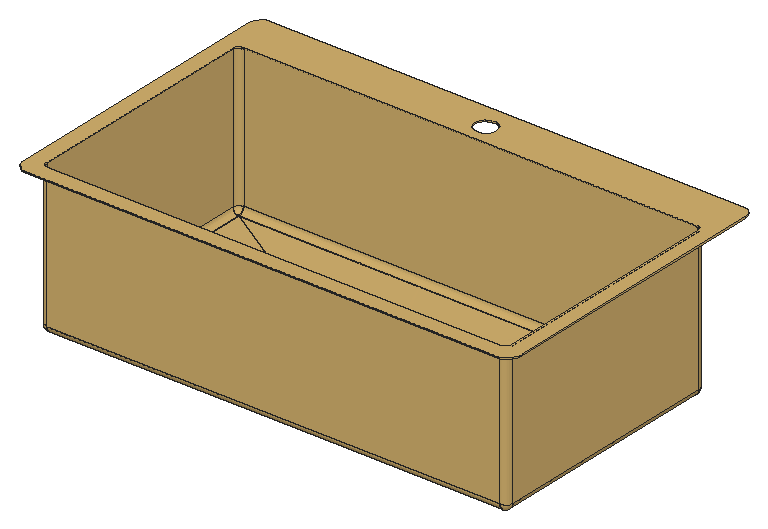
Revit family "BUILDMAT-SNGDTL007-Brittany-810-Tap-Landing-Brass-Gold", category Plumbing Fixtures, host Face, Revit 2026
Family settings
  Host = Face
  Round Connector Dimension = Use Diameter
  Part Type = Normal
  Enable Cutting in Views = No
  Cut with Voids When Loaded = No
  Maintain Annotation Orientation = No
  Shared = No
  Room Calculation Point = No
Parameters (values of type "Brittany 810x500x250mm Brushed Brass Gold")
  Width = 760.0 mm
  Undermount [instance] = 0.0 mm
  URL = "https://www.buildmat.com.au/products/brittany-810-single-bowl-tap-landing-sink"
  Model = "TLAN007"  # constant formula
  Manufacturer URL = "https://www.buildmat.com.au/"
  Manufacturer = "BUILDMAT"  # constant formula
  Length = 400.0 mm
  Description = "BUILDMAT - Brittany 810x500 Single Bowl with Tap Landing Sink"  # constant formula
  Depth = 250.0 mm
  Default Elevation = 1219.2 mm
  Created By URL = "https://www.buildmat.com.au/"
  Created By = "BUILDMAT"  # constant formula
  Created = "22.06.2022"  # constant formula
  Material = BUILDMAT Brass Gold
Reference planes
  plane 1 "Center (Front/Back)": y = 0
  plane 2: z = 0
  plane 3 "Center (Left/Right)": x = 0
  plane 4 "Top Substrate": z = 0
  plane 5 "Left": x = -380
  plane 6 "Right": x = 380
  plane 7 "Back": y = 200
  plane 8 "Front": y = -200
  plane 9: x = -405
  plane 10: x = 405
  plane 11: y = -225
  plane 12: y = 275
  plane 13 "Bottom Void": z = -250
  plane 14: z = 1.5
  plane 15: x = -381.5
  plane 16: y = -201.5
  plane 17: x = 381.5
  plane 18: y = 201.5
  plane 19: z = -240
  plane 20: z = -230
  plane 21: x = -370
  plane 22: x = 370
  plane 23: y = -190
  plane 24: y = 190
  plane 25: z = -245
  plane 26: z = -241.5
  plane 27: z = -246.5
  plane 28: x = -100
  plane 29: x = 100
  plane 30 "Sound Pad": z = -130
  plane 31 "Front Bracket": y = -100
  plane 32 "Back Bracket": y = 100
  plane 33: x = -280
  plane 34: x = 280
  plane 35: x = -57
  plane 36: x = 57
  plane 37: x = -45
  plane 38: x = 45
  plane 39: y = 232
  plane 40: y = 251.5
  plane 41: x = -393.2
  plane 42: z = -15
  plane 43: x = 393.2
  plane 44: x = -391.7
  plane 45: x = 391.7
Forms (mm)
  Extrusion 1, void
    sketch origin (0, 0, 0) x (1, 0, 0) y (0, 1, 0)
      loop
        arc (-370, 200) -> (-377.071, 197.071) -> (-380, 190) r 10
        line (-380, 190) -> (-380, -190)
        arc (-380, -190) -> (-377.071, -197.071) -> (-370, -200) r 10
        line (-370, -200) -> (370, -200)
        arc (370, -200) -> (377.071, -197.071) -> (380, -190) r 10
        line (380, -190) -> (380, 190)
        arc (380, 190) -> (377.071, 197.071) -> (370, 200) r 10
        line (370, 200) -> (-370, 200)
    from 0 to 1.5
  Extrusion 2, void
    sketch origin (0, 0, 0) x (1, 0, 0) y (0, 1, 0)
      loop
        line (-381.5, 201.5) -> (-381.5, -201.5) -> (381.5, -201.5) -> (381.5, 201.5) -> (-381.5, 201.5)
    from 0 to -250
  Extrusion 3, void
    sketch origin (0, 0, 0) x (1, 0, 0) y (0, 1, 0)
      loop
        arc (-385, 275) -> (-399.142, 269.142) -> (-405, 255) r 20
        line (-405, 255) -> (-405, -205)
        arc (-405, -205) -> (-399.142, -219.142) -> (-385, -225) r 20
        line (-385, -225) -> (385, -225)
        arc (385, -225) -> (399.142, -219.142) -> (405, -205) r 20
        line (405, -205) -> (405, 255)
        arc (405, 255) -> (399.142, 269.142) -> (385, 275) r 20
        line (385, 275) -> (-385, 275)
    from 1.5 to 0
  Extrusion 4, solid, material "BUILDMAT Brass Gold" <- "Material"
    sketch origin (0, 0, 0) x (-1, 0, 0) y (0, -1, 0)
      loop
        arc (385, -275) -> (399.142, -269.142) -> (405, -255) r 20
        line (405, -255) -> (405, 205)
        arc (405, 205) -> (399.142, 219.142) -> (385, 225) r 20
        line (385, 225) -> (-385, 225)
        arc (-385, 225) -> (-399.142, 219.142) -> (-405, 205) r 20
        line (-405, 205) -> (-405, -255)
        arc (-405, -255) -> (-399.142, -269.142) -> (-385, -275) r 20
        line (-385, -275) -> (385, -275)
      loop
        arc (370, -200) -> (377.071, -197.071) -> (380, -190) r 10
        line (380, -190) -> (380, 190)
        arc (380, 190) -> (377.071, 197.071) -> (370, 200) r 10
        line (370, 200) -> (-370, 200)
        arc (-370, 200) -> (-377.071, 197.071) -> (-380, 190) r 10
        line (-380, 190) -> (-380, -190)
        arc (-380, -190) -> (-377.071, -197.071) -> (-370, -200) r 10
        line (-370, -200) -> (370, -200)
    from 0 to 1.5
  Extrusion 5, solid, material "BUILDMAT Brass Gold" <- "Material"
    sketch origin (0, 0, 0) x (-1, 0, 0) y (0, -1, 0)
      loop
        arc (370, -201.5) -> (378.132, -198.132) -> (381.5, -190) r 11.5
        line (381.5, -190) -> (381.5, 190)
        arc (381.5, 190) -> (378.132, 198.132) -> (370, 201.5) r 11.5
        line (370, 201.5) -> (-370, 201.5)
        arc (-370, 201.5) -> (-378.132, 198.132) -> (-381.5, 190) r 11.5
        line (-381.5, 190) -> (-381.5, -190)
        arc (-381.5, -190) -> (-378.132, -198.132) -> (-370, -201.5) r 11.5
        line (-370, -201.5) -> (370, -201.5)
      loop
        arc (-370, 200) -> (-377.071, 197.071) -> (-380, 190) r 10
        line (-380, 190) -> (-380, -190)
        arc (-380, -190) -> (-377.071, -197.071) -> (-370, -200) r 10
        line (-370, -200) -> (370, -200)
        arc (370, -200) -> (377.071, -197.071) -> (380, -190) r 10
        line (380, -190) -> (380, 190)
        arc (380, 190) -> (377.071, 197.071) -> (370, 200) r 10
        line (370, 200) -> (-370, 200)
    from 0 to -230
  Revolve 6, solid, material "BUILDMAT Brass Gold" <- "Material"
    sketch origin (-175.162, 190, 1219.2) x (-1, 0, 0) y (0, 0, 1)
      loop
        line (-555.162, -1449.2) -> (-556.662, -1449.2)
        arc (-556.662, -1449.2) -> (-553.293, -1457.332) -> (-545.162, -1460.7) r 11.5
        line (-545.162, -1460.7) -> (-545.162, -1459.2)
        arc (-545.162, -1459.2) -> (-552.233, -1456.271) -> (-555.162, -1449.2) r 10
      axis (-545.162, -1460.7) -> (-545.162, -1449.2)
    angle from 0 to -90
  Revolve 7, solid, material "BUILDMAT Brass Gold" <- "Material"
    sketch origin (-175.162, 190, 1219.2) x (-1, 0, 0) y (0, 0, 1)
      loop
        arc (204.838, -1449.2) -> (201.909, -1456.271) -> (194.838, -1459.2) r 10
        line (194.838, -1459.2) -> (194.838, -1460.7)
        arc (194.838, -1460.7) -> (202.97, -1457.332) -> (206.338, -1449.2) r 11.5
        line (206.338, -1449.2) -> (204.838, -1449.2)
      axis (194.838, -1449.2) -> (194.838, -1460.7)
    angle from 0 to -90
  Revolve 8, solid, material "BUILDMAT Brass Gold" <- "Material"
    sketch origin (-175.162, -190, 1219.2) x (-1, 0, 0) y (0, 0, 1)
      loop
        arc (204.838, -1449.2) -> (201.909, -1456.271) -> (194.838, -1459.2) r 10
        line (194.838, -1459.2) -> (194.838, -1460.7)
        arc (194.838, -1460.7) -> (202.97, -1457.332) -> (206.338, -1449.2) r 11.5
        line (206.338, -1449.2) -> (204.838, -1449.2)
      axis (194.838, -1449.2) -> (194.838, -1460.7)
    angle from 0 to 90
  Revolve 9, solid, material "BUILDMAT Brass Gold" <- "Material"
    sketch origin (-175.162, -190, 1219.2) x (-1, 0, 0) y (0, 0, 1)
      loop
        line (-555.162, -1449.2) -> (-556.662, -1449.2)
        arc (-556.662, -1449.2) -> (-553.293, -1457.332) -> (-545.162, -1460.7) r 11.5
        line (-545.162, -1460.7) -> (-545.162, -1459.2)
        arc (-545.162, -1459.2) -> (-552.233, -1456.271) -> (-555.162, -1449.2) r 10
      axis (-545.162, -1449.2) -> (-545.162, -1460.7)
    angle from 0 to 90
  Extrusion 10, solid, material "BUILDMAT Brass Gold" <- "Material"
    sketch origin (0, 0, 0) x (1, 0, 0) y (0, 0, 1)
      loop
        line (-380, -230) -> (-381.5, -230)
        arc (-381.5, -230) -> (-378.132, -238.132) -> (-370, -241.5) r 11.5
        line (-370, -241.5) -> (-370, -240)
        arc (-370, -240) -> (-377.071, -237.071) -> (-380, -230) r 10
    from -190 to 190
  Extrusion 11, solid, material "BUILDMAT Brass Gold" <- "Material"
    sketch origin (0, 0, 0) x (1, 0, 0) y (0, 0, 1)
      loop
        arc (380, -230) -> (377.071, -237.071) -> (370, -240) r 10
        line (370, -240) -> (370, -241.5)
        arc (370, -241.5) -> (378.132, -238.132) -> (381.5, -230) r 11.5
        line (381.5, -230) -> (380, -230)
    from -190 to 190
  Extrusion 12, solid, material "BUILDMAT Brass Gold" <- "Material"
    sketch origin (0, 0, 0) x (0, 1, 0) y (0, 0, 1)
      loop
        arc (200, -230) -> (197.071, -237.071) -> (190, -240) r 10
        line (190, -240) -> (190, -241.5)
        arc (190, -241.5) -> (198.132, -238.132) -> (201.5, -230) r 11.5
        line (201.5, -230) -> (200, -230)
    from -370 to 370
  Extrusion 13, solid, material "BUILDMAT Brass Gold" <- "Material"
    sketch origin (0, 0, 0) x (0, 1, 0) y (0, 0, 1)
      loop
        line (-200, -230) -> (-201.5, -230)
        arc (-201.5, -230) -> (-198.132, -238.132) -> (-190, -241.5) r 11.5
        line (-190, -241.5) -> (-190, -240)
        arc (-190, -240) -> (-197.071, -237.071) -> (-200, -230) r 10
    from -370 to 370
  Revolve 14, solid, material "BUILDMAT Brass Gold" <- "Material"
    sketch origin (0, 0, 0) x (1, 0, 0) y (0, 0, 1)
      loop
        line (-45, -250) -> (-45, -248.5)
        spline (-45, -248.5) -> (-46.484, -248.459) -> (-47.939, -248.339) -> (-49.337, -248.141) -> (-50.649, -247.871) -> (-51.848, -247.537) -> (-52.908, -247.151) -> (-53.805, -246.726) -> (-54.514, -246.283) -> (-55.023, -245.856) -> (-55.329, -245.483) -> (-55.468, -245.202) -> (-55.5, -245)
        line (-55.5, -245) -> (-57, -245)
        spline (-57, -245) -> (-56.897, -245.653) -> (-56.591, -246.294) -> (-56.087, -246.913) -> (-55.392, -247.5) -> (-54.52, -248.044) -> (-53.485, -248.536) -> (-52.305, -248.967) -> (-51, -249.33) -> (-49.592, -249.619) -> (-48.106, -249.83) -> (-46.566, -249.957) -> (-45, -250)
      axis (0, -245) -> (0, -250)
    angle from 0 to 360
  Blend 15, solid, material "BUILDMAT Brass Gold" <- "Material"
    base sketch origin (0, 0, 0) x (-1, 0, 0) y (0, -1, 0)
      loop
        circle (0, 0) r 57
    top sketch origin (0, 0, 0) x (-1, 0, 0) y (0, -1, 0)
      loop
        line (370, -190) -> (370, 190) -> (-370, 190) -> (-370, -190) -> (370, -190)
    from -246.5 to -241.5
  Blend 16, void
    base sketch origin (0, 0, 0) x (-1, 0, 0) y (0, -1, 0)
      loop
        circle (0, 0) r 57
    top sketch origin (0, 0, 0) x (-1, 0, 0) y (0, -1, 0)
      loop
        line (370, -190) -> (370, 190) -> (-370, 190) -> (-370, -190) -> (370, -190)
    from -245 to -240
  Extrusion 17, solid, material "BUILDMAT Brass Gold" <- "Material"
    sketch origin (0, 0, 0) x (-1, 0, 0) y (0, -1, 0)
      loop
        line (370, -190) -> (370, 190) -> (-370, 190) -> (-370, -190) -> (370, -190)
    from -241.5 to -240
  Extrusion 18, void
    sketch origin (0, 0, 0) x (-1, 0, 0) y (0, -1, 0)
      loop
        circle (0, 0) r 57
    from -250 to -230
  Extrusion 19, void
    sketch origin (0, 0, 0) x (-1, 0, 0) y (0, -1, 0)
      loop
        circle (0, -232) r 17.5
    from 0 to 100
Cuts and joins
  Extrusion 19 cuts Extrusion 4
  Extrusion 19 cuts Extrusion 5
  joined: Extrusion 4, Extrusion 5
  joined: Revolve 6, Revolve 9
  joined: Revolve 7, Revolve 8
  Blend 16, Extrusion 18 cuts Blend 15
  Blend 16, Extrusion 18 cuts Extrusion 17
  joined: Blend 15, Extrusion 17
Lines and regions (mm)
  Masking region 1
    outline origin (0, 0, 0) x (1, 0, 0) y (0, 0, 1)
      loop
        line (380, 0) -> (-380, 0) -> (-380, -230)
        arc (-380, -230) -> (-377.071, -237.071) -> (-370, -240) r 10
        line (-370, -240) -> (-57, -245) -> (57, -245) -> (370, -240)
        arc (370, -240) -> (377.071, -237.071) -> (380, -230) r 10
        line (380, -230) -> (380, 0)
  Masking region 2
    outline origin (0, 0, 0) x (1, 0, 0) y (0, 0, 1)
      loop
        line (-100, -245.813) -> (-100, -250) -> (-57, -250) -> (-57, -246.5) -> (-100, -245.813)
  Masking region 3
    outline origin (0, 0, 0) x (1, 0, 0) y (0, 0, 1)
      loop
        line (57, -246.5) -> (57, -250) -> (100, -250) -> (100, -245.813) -> (57, -246.5)
  Masking region 4
    outline origin (0, 0, 0) x (1, 0, 0) y (0, 0, 1)
      loop
        line (-393.2, 0) -> (-393.2, -15) -> (-391.7, -15) -> (-391.7, 0) -> (-393.2, 0)
  Masking region 5
    outline origin (0, 0, 0) x (1, 0, 0) y (0, 0, 1)
      loop
        line (391.7, 0) -> (391.7, -15) -> (393.2, -15) -> (393.2, 0) -> (391.7, 0)
Text (mm)
  text "Refer to www.buildmat.com.au for the most current product literature. \nAllow a +/- 5mm tolerance for dimensions shown in the product literature. \nPlease note product details are subject to change due to ongoing product development." at (0.056, -1035.857, 0), in view "Ref. Level"
Dimensions and locks
  "Undermount": plane 2 to plane 4 "Top Substrate"
  equal spacing: plane 5 "Left", plane 3 "Center (Left/Right)", plane 6 "Right"
  "Width": plane 5 "Left" to plane 6 "Right"
  "Length": plane 7 "Back" to plane 8 "Front"
  equal spacing: plane 7 "Back", plane 1 "Center (Front/Back)", plane 8 "Front"
  locked: plane 12 to plane 7 "Back" at 75
  locked: plane 8 "Front" to plane 11 at 25
  locked: plane 9 to plane 5 "Left" at 25
  locked: plane 6 "Right" to plane 10 at 25
  "Depth": plane 4 "Top Substrate" to plane 13 "Bottom Void"
  locked: plane 14 to plane 4 "Top Substrate" at 1.5
  locked: plane 18 to plane 7 "Back" at 1.5
  locked: plane 8 "Front" to plane 16 at 1.5
  plane 15 to plane 5 "Left" = 1.5 mm
  plane 6 "Right" to plane 17 = 1.5 mm
  plane 20 to plane 19 to plane 13 "Bottom Void" = 10.0 mm, 10.0 mm
  locked: plane 5 "Left" to plane 21 at 10
  locked: plane 22 to plane 6 "Right" at 10
  locked: plane 7 "Back" to plane 24 at 10
  locked: plane 23 to plane 8 "Front" at 10
  locked: plane 19 to plane 26 at 1.5
  locked: plane 25 to plane 13 "Bottom Void" at 5
  locked: plane 25 to plane 27 at 1.5
  plane 29 to plane 3 "Center (Left/Right)" to plane 28 = 100.0 mm locked, 100.0 mm locked
  locked: plane 30 "Sound Pad" to plane 13 "Bottom Void" at 120
  locked: plane 7 "Back" to plane 32 "Back Bracket" at 100
  locked: plane 31 "Front Bracket" to plane 8 "Front" at 100
  locked: plane 33 to plane 5 "Left" at 100
  locked: plane 6 "Right" to plane 34 at 100
  plane 37 to plane 3 "Center (Left/Right)" to plane 38 = 45.0 mm locked, 45.0 mm locked
  plane 35 to plane 3 "Center (Left/Right)" to plane 36 = 57.0 mm locked, 57.0 mm locked
  locked: plane 12 to plane 39 at 43
  locked: plane 40 to plane 18 at 50
  plane 44 to plane 41 to plane 9 = 1.5 mm locked, 11.8 mm locked
  plane 10 to plane 43 to plane 45 = 11.8 mm locked, 1.5 mm locked
  locked: plane 4 "Top Substrate" to plane 42 at 15
  aligned and locked: plane 2 to host face
  aligned and locked: level to host face
  aligned and locked: plane 8 "Front" to Extrusion 1 sketch curve
  aligned and locked: Extrusion 1 sketch curve to plane 7 "Back"
  aligned and locked: plane 5 "Left" to Extrusion 1 sketch curve
  aligned and locked: Extrusion 1 sketch curve to plane 6 "Right"
  aligned and locked: plane 2 to Extrusion 1
  aligned and locked: plane 14 to Extrusion 1
  aligned and locked: Extrusion 2 sketch curve to plane 16
  aligned and locked: Extrusion 2 sketch curve to plane 18
  aligned and locked: plane 15 to Extrusion 2 sketch curve
  aligned and locked: plane 17 to Extrusion 2 sketch curve
  aligned and locked: Extrusion 2 to plane 13 "Bottom Void"
  aligned and locked: plane 4 "Top Substrate" to Extrusion 2
  aligned and locked: Extrusion 3 sketch curve to plane 11
  aligned and locked: plane 9 to Extrusion 3 sketch curve
  aligned and locked: Extrusion 3 sketch curve to plane 10
  aligned and locked: Extrusion 3 sketch curve to plane 12
  aligned and locked: Extrusion 3 to plane 4 "Top Substrate"
  aligned and locked: Extrusion 3 to plane 14
  aligned and locked: Extrusion 4 sketch curve to plane 11
  aligned and locked: Extrusion 4 sketch curve to plane 12
  aligned and locked: plane 9 to Extrusion 4 sketch curve
  aligned and locked: Extrusion 4 sketch curve to plane 10
  aligned and locked: plane 5 "Left" to Extrusion 4 sketch curve
  aligned and locked: Extrusion 4 sketch curve to plane 6 "Right"
  aligned and locked: Extrusion 4 sketch curve to plane 7 "Back"
  aligned and locked: plane 8 "Front" to Extrusion 4 sketch curve
  aligned and locked: Extrusion 5 sketch curve to plane 7 "Back"
  aligned and locked: plane 5 "Left" to Extrusion 5 sketch curve
  aligned and locked: Extrusion 5 sketch curve to plane 6 "Right"
  aligned and locked: plane 8 "Front" to Extrusion 5 sketch curve
  aligned and locked: plane 15 to Extrusion 5 sketch curve
  aligned and locked: Extrusion 5 sketch curve to plane 16
  aligned and locked: plane 17 to Extrusion 5 sketch curve
  aligned and locked: Extrusion 5 sketch curve to plane 18
  aligned and locked: Extrusion 5 to plane 20
  aligned and locked: plane 4 "Top Substrate" to Extrusion 5
  aligned and locked: Extrusion 11 to plane 23
  aligned and locked: plane 24 to Extrusion 11
  aligned and locked: plane 24 to Extrusion 10
  aligned and locked: Extrusion 10 to plane 23
  aligned and locked: Extrusion 13 to plane 21
  aligned and locked: plane 22 to Extrusion 13
  aligned and locked: plane 22 to Extrusion 12
  aligned and locked: Extrusion 12 to plane 21
  aligned and locked: plane 21 to Blend 15 sketch curve
  aligned and locked: Blend 15 sketch curve to plane 22
  aligned and locked: Blend 15 sketch curve to plane 23
  aligned and locked: Blend 15 sketch curve to plane 24
  aligned and locked: plane 27 to Blend 15
  aligned and locked: Blend 15 to plane 26
  aligned and locked: Blend 16 sketch curve to plane 24
  aligned and locked: plane 21 to Blend 16 sketch curve
  aligned and locked: Blend 16 sketch curve to plane 22
  aligned and locked: Blend 16 sketch curve to plane 23
  aligned and locked: Blend 16 to plane 25
  aligned and locked: Blend 16 to plane 19
  aligned and locked: Extrusion 17 sketch curve to plane 24
  aligned and locked: Extrusion 17 sketch curve to plane 23
  aligned and locked: plane 21 to Extrusion 17 sketch curve
  aligned and locked: Extrusion 17 sketch curve to plane 22
  aligned and locked: Extrusion 17 to plane 26
  aligned and locked: Extrusion 17 to plane 19
  aligned and locked: Extrusion 18 to plane 13 "Bottom Void"
  aligned and locked: plane 20 to Extrusion 18
  aligned and locked: cut or joined group of Blend 15, Blend 16, Extrusion 17, Extrusion 18 to Masking region 2 sketch curve
  aligned and locked: Masking region 3 sketch curve to cut or joined group of Blend 15, Blend 16, Extrusion 17, Extrusion 18
  aligned and locked: plane 3 "Center (Left/Right)" to nested 1
  aligned and locked: nested 1 to plane 30 "Sound Pad"
  aligned and locked: plane 31 "Front Bracket" to nested 3
  aligned and locked: plane 15 to nested 3
  aligned and locked: plane 31 "Front Bracket" to nested 5
  aligned and locked: plane 17 to nested 5
  aligned and locked: plane 32 "Back Bracket" to nested 4
  aligned and locked: plane 17 to nested 4
  aligned and locked: plane 32 "Back Bracket" to nested 2
  aligned and locked: plane 15 to nested 2
  aligned and locked: nested 6 to plane 4 "Top Substrate"
  aligned and locked: nested 6 to plane 33
  aligned and locked: nested 7 to plane 4 "Top Substrate"
  aligned and locked: nested 7 to plane 34
  aligned and locked: nested 10 to plane 33
  aligned and locked: nested 11 to plane 34
  aligned and locked: plane 16 to nested 10
  aligned and locked: nested 11 to plane 16
  aligned and locked: plane 33 to nested 8
  aligned and locked: plane 34 to nested 9
  aligned and locked: nested 12 to plane 23
  aligned and locked: nested 12 to plane 24
  aligned and locked: plane 22 to nested 12
  aligned and locked: plane 21 to nested 12
  aligned and locked: plane 3 "Center (Left/Right)" to nested 13
  aligned and locked: plane 1 "Center (Front/Back)" to nested 13
  aligned and locked: plane 4 "Top Substrate" to Masking region 1
  aligned and locked: nested 9 to plane 40
  aligned and locked: nested 8 to plane 40
  aligned and locked: Extrusion 19 to plane 4 "Top Substrate"
  aligned and locked: Masking region 4 sketch curve to plane 4 "Top Substrate"
  aligned and locked: Masking region 4 sketch curve to plane 42
  aligned and locked: Masking region 4 sketch curve to plane 41
  aligned and locked: Masking region 4 sketch curve to plane 44
  aligned and locked: Masking region 5 sketch curve to plane 4 "Top Substrate"
  aligned and locked: plane 42 to Masking region 5 sketch curve
  aligned and locked: Masking region 5 sketch curve to plane 43
  aligned and locked: Masking region 5 sketch curve to plane 45
Automatic sketch dimensions
  host sketch curve to host sketch curve = 2438.4 mm  (x2)
  plane 5 "Left" to Extrusion 1 sketch curve = 10.0 mm  (x2)
  Extrusion 1 sketch curve to plane 6 "Right" = 10.0 mm  (x2)
  Extrusion 4 sketch curve to plane 10 = 20.0 mm  (x2)
  Extrusion 4 sketch curve to Extrusion 4 sketch curve = 10.0 mm  (x2)
  plane 5 "Left" to Extrusion 4 sketch curve = 10.0 mm
  plane 9 to Extrusion 4 sketch curve = 20.0 mm
  plane 8 "Front" to Extrusion 4 sketch curve = 10.0 mm
  plane 11 to Extrusion 4 sketch curve = 20.0 mm
  Extrusion 3 sketch curve to plane 5 "Left" = 5.0 mm
  plane 6 "Right" to Extrusion 3 sketch curve = 5.0 mm  (x2)
  plane 7 "Back" to Extrusion 3 sketch curve = 55.0 mm
  plane 5 "Left" to Extrusion 5 sketch curve = 10.0 mm
  Extrusion 5 sketch curve to plane 6 "Right" = 10.0 mm
  plane 8 "Front" to Extrusion 5 sketch curve = 10.0 mm
  Extrusion 5 sketch curve to plane 7 "Back" = 10.0 mm
  Extrusion 5 sketch curve to Extrusion 5 sketch curve = 0.0 mm  (x4)
  Revolve 6 sketch curve to Revolve 6 sketch curve = 0.0 mm  (x3)
  plane 17 to Revolve 6 sketch curve = 0.0 mm
  Revolve 6 sketch curve to plane 6 "Right" = 0.0 mm
  Revolve 6 sketch curve to plane 22 = 0.0 mm  (x2)
  Revolve 6 sketch curve to plane 19 = 0.0 mm
  Revolve 6 sketch curve to plane 20 = 0.0 mm
  Revolve 7 sketch curve to Revolve 7 sketch curve = 0.0 mm  (x3)
  Revolve 7 sketch curve to plane 20 = 0.0 mm  (x2)
  Revolve 7 sketch curve to plane 21 = 0.0 mm  (x2)
  Revolve 7 sketch curve to plane 5 "Left" = 0.0 mm
  Revolve 7 sketch curve to plane 15 = 0.0 mm
  Revolve 8 sketch curve to Revolve 8 sketch curve = 0.0 mm  (x3)
  Revolve 8 sketch curve to plane 20 = 0.0 mm  (x2)
  Revolve 8 sketch curve to plane 21 = 0.0 mm  (x2)
  Revolve 8 sketch curve to plane 5 "Left" = 0.0 mm
  Revolve 8 sketch curve to plane 15 = 0.0 mm
  Revolve 9 sketch curve to Revolve 9 sketch curve = 0.0 mm  (x3)
  plane 17 to Revolve 9 sketch curve = 0.0 mm
  Revolve 9 sketch curve to plane 6 "Right" = 0.0 mm
  Revolve 9 sketch curve to plane 22 = 0.0 mm  (x2)
  Revolve 9 sketch curve to plane 20 = 0.0 mm
  Revolve 9 sketch curve to plane 19 = 0.0 mm
  Extrusion 10 sketch curve to plane 15 = 0.0 mm
  Extrusion 10 sketch curve to plane 5 "Left" = 0.0 mm
  Extrusion 10 sketch curve to plane 19 = 0.0 mm
  Extrusion 10 sketch curve to plane 21 = 0.0 mm
  Extrusion 11 sketch curve to plane 20 = 0.0 mm
  Extrusion 11 sketch curve to plane 22 = 0.0 mm
  Extrusion 11 sketch curve to plane 6 "Right" = 0.0 mm
  plane 17 to Extrusion 11 sketch curve = 0.0 mm
  Extrusion 12 sketch curve to plane 20 = 0.0 mm
  Extrusion 12 sketch curve to plane 24 = 0.0 mm
  Extrusion 12 sketch curve to plane 7 "Back" = 0.0 mm
  Extrusion 12 sketch curve to plane 18 = 0.0 mm
  Extrusion 13 sketch curve to plane 16 = 0.0 mm
  Extrusion 13 sketch curve to plane 8 "Front" = 0.0 mm
  Extrusion 13 sketch curve to plane 23 = 0.0 mm
  Extrusion 13 sketch curve to plane 19 = 0.0 mm
  Revolve 14 sketch curve to plane 25 = 0.0 mm
  Revolve 14 sketch curve to plane 13 "Bottom Void" = 0.0 mm  (x2)
  Revolve 14 sketch curve to plane 3 "Center (Left/Right)" = 0.0 mm
  Revolve 14 sketch curve to plane 20 = 0.0 mm
  Revolve 14 sketch curve to plane 3 "Center (Left/Right)" = 45.0 mm
  Revolve 14 sketch curve to Revolve 14 sketch curve = 10.5 mm
  Revolve 14 sketch curve to Revolve 14 sketch curve = 1.5 mm  (x2)
  Revolve 14 sketch curve to Revolve 14 sketch curve = 0.0 mm
  plane 1 "Center (Front/Back)" to Blend 15 sketch curve = 0.0 mm
  Blend 15 sketch curve to plane 3 "Center (Left/Right)" = 0.0 mm
  plane 1 "Center (Front/Back)" to Blend 16 sketch curve = 0.0 mm
  Blend 16 sketch curve to plane 3 "Center (Left/Right)" = 0.0 mm
  plane 1 "Center (Front/Back)" to Extrusion 18 sketch curve = 0.0 mm
  Extrusion 18 sketch curve to plane 3 "Center (Left/Right)" = 0.0 mm
  Masking region 1 sketch curve to level = 0.0 mm
  Masking region 1 sketch curve to plane 20 = 0.0 mm
  Masking region 1 sketch curve to plane 21 = 0.0 mm
  Masking region 1 sketch curve to plane 25 = 0.0 mm
  Masking region 1 sketch curve to plane 3 "Center (Left/Right)" = 57.0 mm
  plane 3 "Center (Left/Right)" to Masking region 1 sketch curve = 57.0 mm
  Masking region 1 sketch curve to plane 19 = 0.0 mm
  Masking region 1 sketch curve to plane 22 = 0.0 mm
  Masking region 1 sketch curve to plane 6 "Right" = 0.0 mm
  Masking region 1 sketch curve to plane 5 "Left" = 0.0 mm
  Masking region 2 sketch curve to plane 28 = 0.0 mm
  Masking region 2 sketch curve to plane 13 "Bottom Void" = 0.0 mm
  Masking region 2 sketch curve to plane 27 = 0.0 mm
  Masking region 3 sketch curve to plane 27 = 0.0 mm
  Masking region 3 sketch curve to plane 13 "Bottom Void" = 0.0 mm
  Masking region 3 sketch curve to plane 29 = 0.0 mm
  Extrusion 19 sketch curve to plane 3 "Center (Left/Right)" = 0.0 mm
  Extrusion 19 sketch curve to plane 39 = 0.0 mm
  radius of Blend 15 sketch curve = 57.0 mm
  radius of Blend 16 sketch curve = 57.0 mm
  radius of Extrusion 18 sketch curve = 57.0 mm
  radius of Extrusion 19 sketch curve = 17.5 mm
Nested families
  nested 1: "SP_Front" at (0, 0, -130) x (1, 0, 0) z (0, -1, 0), type "SP_Front", not visible
  nested 2: "TMB_Plan" at (-381.5, 100, 0) x (0, 1, 0) z (0, 0, 1), type "TMB_Plan"
  nested 3: "TMB_Plan" at (-381.5, -100, 0) x (0, 1, 0) z (0, 0, 1), type "TMB_Plan"
  nested 4: "TMB_Plan" at (381.5, 100, 0) x (0, -1, 0) z (0, 0, 1), type "TMB_Plan"
  nested 5: "TMB_Plan" at (381.5, -100, 0) x (0, -1, 0) z (0, 0, 1), type "TMB_Plan"
  nested 6: "TMB_Front" at (-280, 0, 0) x (1, 0, 0) z (0, -1, 0), type "TMB_Front"
  nested 7: "TMB_Front" at (280, 0, 0) x (1, 0, 0) z (0, -1, 0), type "TMB_Front"
  nested 8: "TMB_Plan" at (-280, 251.5, 0), type "TMB_Plan"
  nested 9: "TMB_Plan" at (280, 251.5, 0), type "TMB_Plan"
  nested 10: "TMB_Plan" at (-280, -201.5, 0) x (-1, 0, 0) z (0, 0, 1), type "TMB_Plan"
  nested 11: "TMB_Plan" at (280, -201.5, 0) x (-1, 0, 0) z (0, 0, 1), type "TMB_Plan"
  nested 12: "BOWL Plan" at (0, 0, -130), type "BOWL Plan"
    with Width 740.0 mm, Lenght 380.0 mm
  nested 13: "DRAIN" at (0, 0, 0), type "DRAIN"
Definition of nested family "SP_Front"
  Reference planes
    plane 1 "Center (Elevation)": y = 0
    plane 2: z = 0
    plane 3 "Center (Left/Right)": x = 0
  Lines and regions (mm)
    Masking region 1, in view "Ref. Level"
      outline origin (0, 0, 0) x (1, 0, 0) y (0, 1, 0)
        loop
          arc (-50, 40) -> (-57.071, 37.071) -> (-60, 30) r 10
          line (-60, 30) -> (-60, -30)
          arc (-60, -30) -> (-57.071, -37.071) -> (-50, -40) r 10
          line (-50, -40) -> (50, -40)
          arc (50, -40) -> (57.071, -37.071) -> (60, -30) r 10
          line (60, -30) -> (60, 30)
          arc (60, 30) -> (57.071, 37.071) -> (50, 40) r 10
          line (50, 40) -> (-50, 40)
    detail lines, in view "Ref. Level"
      curve 1: line (-50, 40, 0) -> (50, 40, 0)
      curve 2: line (50, -40, 0) -> (-50, -40, 0)
      curve 3: line (60, 30, 0) -> (60, -30, 0)
      curve 4: line (-60, 30, 0) -> (-60, -30, 0)
      curve 5: arc (-50, 40, 0) -> (-57.071, 37.071, 0) -> (-60, 30, 0) r 10
      curve 6: arc (-60, -30, 0) -> (-57.071, -37.071, 0) -> (-50, -40, 0) r 10
      curve 7: arc (50, -40, 0) -> (57.071, -37.071, 0) -> (60, -30, 0) r 10
      curve 8: arc (60, 30, 0) -> (57.071, 37.071, 0) -> (50, 40, 0) r 10
  Dimensions and locks
    aligned and locked: Masking region 1 sketch curve to curve 1
    aligned and locked: Masking region 1 sketch curve to curve 4
    aligned and locked: Masking region 1 sketch curve to curve 2
    aligned and locked: Masking region 1 sketch curve to curve 3
Definition of nested family "TMB_Plan"
  Reference planes
    plane 1 "Center (Front/Back)": y = 0
    plane 2: z = 0
    plane 3 "Center (Left/Right)": x = 0
  Lines and regions (mm)
    detail lines, in view "Ref. Level"
      curve 1: line (-17.5, 0, 0) -> (17.5, 0, 0)
      curve 2: line (17.5, 0, 0) -> (17.5, 5, 0)
      curve 3: line (17.5, 5, 0) -> (12.5, 5, 0)
      curve 4: line (-17.5, 0, 0) -> (-17.5, 5, 0)
      curve 5: line (-17.5, 5, 0) -> (-12.5, 5, 0)
Definition of nested family "TMB_Front"
  Reference planes
    plane 1 "Center (Elevation)": y = 0
    plane 2: z = 0
    plane 3 "Center (Left/Right)": x = 0
  Lines and regions (mm)
    Masking region 1, in view "Ref. Level"
      outline origin (0, 0, 0) x (1, 0, 0) y (0, 1, 0)
        loop
          line (-17.5, 0) -> (-17.5, -80) -> (17.5, -80) -> (17.5, 0) -> (-17.5, 0)
    detail lines, in view "Ref. Level"
      curve 1: line (-17.5, 0, 0) -> (-17.5, -80, 0)
      curve 2: line (-17.5, -80, 0) -> (17.5, -80, 0)
      curve 3: line (17.5, -80, 0) -> (17.5, 0, 0)
      curve 4: line (-12.5, -50, 0) -> (12.5, -50, 0)
      curve 5: line (-12.5, -75, 0) -> (-12.5, -50, 0)
      curve 6: line (12.5, -75, 0) -> (-12.5, -75, 0)
      curve 7: line (12.5, -50, 0) -> (12.5, -75, 0)
Definition of nested family "BOWL Plan"
  Parameters (values of type "BOWL Plan")
    Width [instance] = 600.0 mm
    Lenght [instance] = 400.0 mm
  Reference planes
    plane 1 "Center (Front/Back)": y = 0
    plane 2: z = 0
    plane 3 "Center (Left/Right)": x = 0
    plane 4 "Left": x = -300
    plane 5 "Right": x = 300
    plane 6 "Back": y = 200
    plane 7 "Front": y = -200
  Lines and regions (mm)
    Masking region 1, in view "Ref. Level"
      outline origin (0, 0, 0) x (1, 0, 0) y (0, 1, 0)
        loop
          line (-300, 200) -> (-300, -200) -> (300, -200) -> (300, 200) -> (-300, 200)
    detail lines, in view "Ref. Level"
      curve 1: line (-300, 200, 0) -> (300, -200, 0)
      curve 2: line (-300, -200, 0) -> (300, 200, 0)
  Dimensions and locks
    equal spacing: plane 6 "Back", plane 1 "Center (Front/Back)", plane 7 "Front"
    "Lenght": plane 6 "Back" to plane 7 "Front"
    equal spacing: plane 4 "Left", plane 3 "Center (Left/Right)", plane 5 "Right"
    "Width": plane 4 "Left" to plane 5 "Right"
    aligned and locked: plane 4 "Left" to Masking region 1 sketch curve
    aligned and locked: Masking region 1 sketch curve to plane 5 "Right"
    aligned and locked: plane 7 "Front" to Masking region 1 sketch curve
    aligned and locked: Masking region 1 sketch curve to plane 6 "Back"
  Automatic sketch dimensions
    curve 2 to plane 4 "Left" = 0.0 mm
    curve 1 to plane 4 "Left" = 0.0 mm
    curve 2 to plane 5 "Right" = 0.0 mm
    curve 1 to plane 5 "Right" = 0.0 mm
    curve 1 to plane 7 "Front" = 0.0 mm
    curve 2 to plane 7 "Front" = 0.0 mm
    curve 2 to plane 6 "Back" = 0.0 mm
    curve 1 to plane 6 "Back" = 0.0 mm
Definition of nested family "DRAIN"
  Reference planes
    plane 1 "Center (Front/Back)": y = 0
    plane 2: z = 0
    plane 3 "Center (Left/Right)": x = 0
  Lines and regions (mm)
    Masking region 1, in view "Ref. Level"
      outline origin (0, 0, 0) x (1, 0, 0) y (0, 1, 0)
        loop
          circle (0, 0) r 57
    detail lines, in view "Ref. Level"
      curve 1: circle (0, 0, 0) r 45 normal (0, 0, 1)
      curve 2: circle (0, 0, 0) r 55.5 normal (0, 0, 1)
